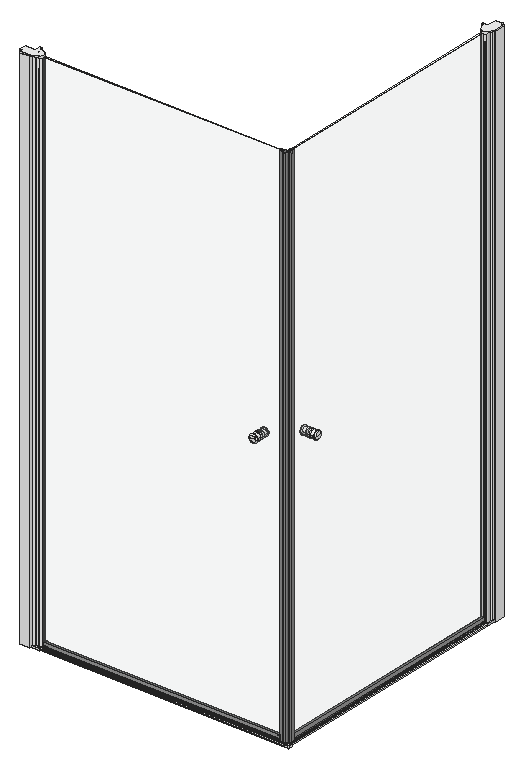
Revit family "Sanitary_Shower-screens_Duscholux_Giro_Pivot-twin-doors-angle-acces-shower", category Plumbing Fixtures, Revit 2016
Family settings
  Part Type = Normal
  Round Connector Dimension = Use Diameter
  OmniClass Number = 23.45.00.00
  OmniClass Title = Sanitary, Laundry, and Cleaning Equipment
  Work Plane-Based = No
  Always vertical = Yes
  Cut with Voids When Loaded = No
  Shared = No
  Room Calculation Point = No
Parameters (values of type "White Aluminium Finish")
  Width lateral side = 900 mm
  Width front side = 900 mm
  Uniclass 2015 Description = "Shower Enclosures"
  Uniclass 2015 Code = "PR-40-20-06-79"
  URL = "http://www.duscholux.es/"
  UNSPSC Code = "30181507"
  Thickness Glass = 5 mm  # constant formula
  Technical Inspection Certificate (Applus) = "http://www.duscholux.es/resources/custom/var/APPLUS_en.pdf"
  Series = "Plus Evolution Giro"
  Region South America = "Consult"
  Region Oceania = "Consult"
  Region North America = "Consult"
  Region Middle East = "Consult"
  Region Europe = "AD, ES, FR, PT"
  Region Asia = "Consult"
  Region Antartica = "Consult"
  Region Africa = "Consult"
  Ref. = "7PF / 7PG"
  Products = "http://www.duscholux.es/mamparas_filtro.aspx?es"
  Product group = "Front for shower"
  Product family = "Plus Evolution Giro"
  Opening lateral angle = 0.00°
  Opening System Image = "http://blob.duscholux.es/pluma512/AD2pabatible180.gif"
  Opening System = "Pivot Door"
  Opening front angle = 0.00°
  Net Weight (Kg) = 40
  NBS Reference Description = "Shower Enclosures"
  NBS Reference Code = "45-35-70"
  Model = ""
  Min Max Width lateral side = if(Width lateral side < 500 mm, 500 mm, if(Width lateral side > 1100 mm, 1100 mm, Width lateral side))  # 900 mm
  Min Max Width front side = if(Width front side < 500 mm, 500 mm, if(Width front side > 1100 mm, 1100 mm, Width front side))  # 900 mm
  Max Height = if(Height > 2000 mm, 2000 mm, Height)  # 1800 mm
  Manufacturer name = "Duscholux Ibérica, S.A."
  Manufacturer country = "Spain"
  Maintenance and Cleaning = "http://www.duscholux.es/mamparas_limpieza.aspx?en"
  Lateral door aperture = Min Max Width lateral side - 17.8 mm - 56.6 mm  # 825.6 mm
  Image = "http://www.duscholux.es/resources/custom/img/mamparas/PLUS%20EVOLUTION%20GIRO/modelos/0F2PADA/mampara_h.jpg"
  IFC Classification = "Furnishing Element"
  Height = 1800 mm
  Handle Material = White Finish
  Handle Height = Max Height / 2  # 900 mm
  Glass in Building UNE EN 12150 = "CE Conformity marking"
  Glass Material = Glass_Material-Duscholux
  Frame Material = White Aluminium Finish
  Fact Sheet = "http://blob.duscholux.es/enpdf2018/Giro2PAD.pdf"
  Manufacturer = "Duscholux Ibérica, S.A."
  Environmental Management ISO 14001 = "ECOEMBES Certificate"
  Edition number = "1"
  Front door aperture = Min Max Width front side - 17.8 mm - 56.6 mm  # 825.6 mm
  Design country = "Spain / Germany"
  Description = "Pivot twin doors at 180º with angle access. for shower"
  Date of publishing = ""
  Assembly Code = "C1030200"
  Configuration enclosure = "http://configuratumampara.duscholux.es/eCatalogo.aspx"
  Components = "Eropean components"
  Type Comments = ""
  Combinations = "Lateral 90° / Lateral180°"
  Certified Quality UNE EN 14428 = "http://www.duscholux.es/duscholux_downloads.aspx?es"
  COBIe Type Category = ""
  Brand = "Duscholux"
  Accesories Material = White Finish
Types (4, lengths in mm): name | Max Height | Height | Handle Material | Handle Height | Frame Material | Accesories Material
  (no name) | 1800 | 1800 | White Finish | 900 | White Aluminium Finish | White Finish
  Shiny silver Finish | 2000 | 2000 | Matt Silver Aluminium Finish | 1000 | Shiny Silver  Aluminium Finish | Plastic, Gray
  Silver Matt Aluminium Finish | 2000 | 2000 | Matt Silver Aluminium Finish | 1000 | Matt Silver Aluminium Finish | Plastic, Gray
  White Aluminium Finish | 1800 | 1800 | White Finish | 900 | White Aluminium Finish | White Finish
Reference planes
  plane 1 "Centro (Frontal/Posterior)": y = 0
  plane 2: z = 0
  plane 3 "Centro (Izquierda/Derecha)": x = 0
  plane 4: x = 56.584
  plane 5: z = 1800
  plane 6: x = 900
  plane 7: z = 900
  plane 8: z = 0
  plane 9: z = 8
  plane 10: z = 1796
  plane 11: x = 882.223
  plane 12: y = -5.6
  plane 13: y = 837.8
  plane 14: y = 894.4
  plane 15: y = 12.2
  plane 16: x = 894.362
Forms (mm)
  Extrusion 1, solid, material "Glass_Material-Duscholux" <- "Glass Material"
    sketch origin (59.749, 15.3, 0) x (1, 0, 0) y (0, 1, 0)
      loop
        line (-0.257, -12.8) -> (-0.257, -17.8) -> (822.436, -17.8) -> (822.436, -12.8) -> (-0.257, -12.8)
    from 8 to 1792
  Extrusion 2, solid, material "White Aluminium Finish" <- "Frame Material"
    sketch origin (-940.158, -579.127, 0) x (1, 0, 0) y (0, 1, 0)
      loop
        line (942.91, 587.017) -> (971.16, 587.017) -> (971.16, 588.517) -> (940.158, 588.517) -> (940.158, 587.017) -> (941.408, 587.017) -> (941.408, 566.817) -> (940.158, 566.817) -> (940.158, 565.317) -> (971.16, 565.317) -> (971.16, 566.817) -> (942.91, 566.817) -> (942.91, 587.017)
    from 0 to 1792
  Extrusion 3, solid, material "White Aluminium Finish" <- "Frame Material"
    sketch origin (36.988, 0, 0) x (1, 0, 0) y (0, 1, 0)
      loop
        line (32.341, 4.857) -> (24.744, 8.929)
        arc (24.744, 8.929) -> (9.363, 0.084) -> (24.744, -8.76) r 10.234
        line (24.744, -8.76) -> (32.341, -4.689) -> (32.341, -3.689) -> (22.503, -3.689) -> (22.503, 3.857) -> (32.341, 3.857) -> (32.341, 4.857)
      loop
        circle (19.596, 0.084) r 1.482
    from 0 to 1792
  Extrusion 4, solid, material "White Aluminium Finish" <- "Frame Material"
    sketch origin (-147.769, -645.801, 0) x (1, 0, 0) y (0, 1, 0)
      loop
        line (182.621, 656.691) -> (156.121, 656.691) -> (156.121, 655.191) -> (181.251, 655.191) -> (181.251, 631.991) -> (154.321, 631.991) -> (154.321, 624.931) -> (187.171, 624.931) -> (187.171, 633.301) -> (190.62, 633.301) -> (196.125, 639.801)
        arc (196.125, 639.801) -> (194.12, 645.786) -> (196.009, 651.809) r 10.234
        line (196.009, 651.809) -> (190.62, 659.801) -> (190.62, 660.824) -> (188.993, 670.05) -> (186.271, 674.341) -> (182.621, 674.341) -> (182.621, 656.691)
    from 0 to 1792
  Extrusion 5, solid, material "White Aluminium Finish" <- "Frame Material", detail levels medium+fine
    sketch origin (0, 32.415, 0) x (0, 1, 0) y (0, 0, 1)
      loop
        line (-48.975, 0) -> (-40.915, 0) -> (-40.915, 3)
        arc (-40.915, 3) -> (-41.501, 4.414) -> (-42.915, 5) r 2
        line (-42.915, 5) -> (-46.975, 5)
        arc (-46.975, 5) -> (-48.389, 4.414) -> (-48.975, 3) r 2
        line (-48.975, 3) -> (-48.975, 0)
    from 69.329 to 900
  Extrusion 6, solid, material "White Finish" <- "Accesories Material", detail levels medium+fine
    sketch origin (0, 0, 0) x (1, 0, 0) y (0, 1, 0)
      loop
        line (39.402, -18) -> (69.329, -18) -> (69.329, -4.689) -> (61.425, -8.932)
        arc (61.425, -8.932) -> (54.344, -9.901) -> (48.356, -6) r 10.234
        line (48.356, -6) -> (42.851, -12.5) -> (39.402, -12.5) -> (39.402, -18)
    from 0 to 6
  Extrusion 7, solid, material "White Finish" <- "Accesories Material"
    sketch origin (-183.4, 0, 0) x (1, 0, 0) y (0, 1, 0)
      loop
        line (191.752, 10.89) -> (191.752, 9.29) -> (183.4, 9.29) -> (183.4, -13.71) -> (189.952, -13.71) -> (189.952, -20.87) -> (222.393, -20.87) -> (244.738, -12.738)
        arc (244.738, -12.738) -> (253.657, 0) -> (244.738, 12.738) r 13.555
        line (244.738, 12.738) -> (225.413, 19.771) -> (224.624, 24.249) -> (221.902, 28.54) -> (218.252, 28.54) -> (218.252, 10.89) -> (191.752, 10.89)
    from 1792 to 1796
  Extrusion 8, solid, material "Plástico, transparente"
    sketch origin (53.346, 0, 0) x (1, 0, 0) y (0, 1, 0)
      loop
        line (830.338, -5.1) -> (840.338, -5.1)
        arc (840.338, -5.1) -> (842.431, -3.325) -> (841.183, -0.881) r 2.21
        line (841.183, -0.881) -> (839.769, -2.295) -> (835.526, 1.947) -> (836.941, 3.362)
        arc (836.941, 3.362) -> (834.813, 4.666) -> (832.338, 4.987) r 5.977
        line (832.338, 4.987) -> (830.338, 4.987) -> (830.338, -5.1)
      loop
        line (828.838, -4.083) -> (817.955, -2.5) -> (817.955, -3.935) -> (828.086, -5.485)
        arc (828.086, -5.485) -> (828.84, -5.571) -> (829.599, -5.6) r 10
        line (829.599, -5.6) -> (840.338, -5.6)
        arc (840.338, -5.6) -> (842.732, -4.011) -> (842.203, -1.188) r 2.601
        line (842.203, -1.188) -> (836.902, 4.114)
        arc (836.902, 4.114) -> (835.268, 5.212) -> (833.338, 5.6) r 5.03
        line (833.338, 5.6) -> (829.599, 5.6)
        arc (829.599, 5.6) -> (828.84, 5.571) -> (828.086, 5.485) r 10
        line (828.086, 5.485) -> (817.955, 3.935) -> (817.955, 2.5) -> (828.838, 4.083) -> (828.838, -4.083)
    from 0 to 1792
  Extrusion 9, solid, material "White Aluminium Finish" <- "Frame Material"
    sketch origin (0, 0, 0) x (1, 0, 0) y (0, 1, 0)
      loop
        line (886.556, 893.15) -> (886.556, 894.4) -> (885.056, 894.4) -> (885.056, 863.398) -> (886.556, 863.398) -> (886.556, 891.648) -> (906.756, 891.648) -> (906.756, 863.398) -> (908.256, 863.398) -> (908.256, 894.4) -> (906.756, 894.4) -> (906.756, 893.15) -> (886.556, 893.15)
    from 0 to 1792
  Extrusion 10, solid, material "White Aluminium Finish" <- "Frame Material"
    sketch origin (0, -0.316, 0) x (1, 0, 0) y (0, 1, 0)
      loop
        line (908.256, 888.148) -> (908.256, 861.218) -> (885.056, 861.218) -> (885.056, 886.348) -> (883.556, 886.348) -> (883.556, 859.848) -> (865.906, 859.848) -> (865.906, 856.198) -> (870.197, 853.476) -> (879.423, 851.849) -> (880.446, 851.849) -> (888.438, 846.461)
        arc (888.438, 846.461) -> (894.461, 848.349) -> (900.446, 846.344) r 10.234
        line (900.446, 846.344) -> (906.946, 851.849) -> (906.946, 855.298) -> (915.316, 855.298) -> (915.316, 888.148) -> (908.256, 888.148)
    from 0 to 1792
  Extrusion 11, solid, material "White Aluminium Finish" <- "Frame Material"
    sketch origin (894.362, 12.2, 0) x (0, 1, 0) y (-1, 0, 0)
      loop
        line (820.452, 8.845) -> (812.855, 4.966) -> (812.855, 4) -> (822.693, 4) -> (822.693, -4) -> (812.855, -4) -> (812.855, -5.011) -> (820.452, -8.845)
        arc (820.452, -8.845) -> (835.834, 0) -> (820.452, 8.845) r 10.234
      loop
        circle (825.6, 0) r 1.456
    from 0 to 1792
  Extrusion 12, solid, material "Glass_Material-Duscholux" <- "Glass Material"
    sketch origin (894.362, 12.2, 0) x (0, 1, 0) y (-1, 0, 0)
      loop
        line (822.693, 2.5) -> (0, 2.5) -> (0, -2.5) -> (822.693, -2.5) -> (822.693, 2.5)
    from 8 to 1792
  Extrusion 13, solid, material "Plástico, transparente"
    sketch origin (894.362, 12.2, 0) x (0, 1, 0) y (-1, 0, 0)
      loop
        line (10.861, 2.5) -> (10.861, 3.935) -> (0.729, 5.485)
        arc (0.729, 5.485) -> (-0.025, 5.571) -> (-0.783, 5.6) r 10
        line (-0.783, 5.6) -> (-4.523, 5.6)
        arc (-4.523, 5.6) -> (-6.453, 5.212) -> (-8.086, 4.114) r 5.03
        line (-8.086, 4.114) -> (-13.388, -1.188)
        arc (-13.388, -1.188) -> (-13.916, -4.011) -> (-11.523, -5.6) r 2.601
        line (-11.523, -5.6) -> (-0.783, -5.6)
        arc (-0.783, -5.6) -> (-0.025, -5.571) -> (0.729, -5.485) r 10
        line (0.729, -5.485) -> (10.861, -3.935) -> (10.861, -2.5) -> (-0.023, -4.083) -> (-0.023, 4.083) -> (10.861, 2.5)
      loop
        arc (-12.368, -0.881) -> (-13.615, -3.325) -> (-11.523, -5.1) r 2.21
        line (-11.523, -5.1) -> (-1.523, -5.1) -> (-1.523, 4.987) -> (-3.523, 4.987)
        arc (-3.523, 4.987) -> (-5.997, 4.666) -> (-8.125, 3.362) r 5.977
        line (-8.125, 3.362) -> (-6.711, 1.947) -> (-10.953, -2.295) -> (-12.368, -0.881)
    from 0 to 1792
  Extrusion 14, solid, material "White Finish" <- "Accesories Material"
    sketch origin (794.546, 877.8, 25) x (0, -1, 0) y (1, 0, 0)
      loop
        line (-8.248, 89.11) -> (18.252, 89.11) -> (18.252, 71.46) -> (21.902, 71.46) -> (24.624, 75.751) -> (25.413, 80.229) -> (44.738, 87.262)
        arc (44.738, 87.262) -> (53.657, 100) -> (44.738, 112.738) r 13.555
        line (44.738, 112.738) -> (22.393, 120.87) -> (-10.048, 120.87) -> (-10.048, 113.71) -> (-16.6, 113.71) -> (-16.6, 90.71) -> (-8.248, 90.71) -> (-8.248, 89.11)
    from 1767 to 1771
  Extrusion 15, solid, material "White Finish" <- "Accesories Material", detail levels medium+fine
    sketch origin (-386, -1.6, 0) x (1, 0, 0) y (0, 1, 0)
      loop
        arc (1288.886, -5.45) -> (1288.461, -6.475) -> (1287.436, -6.9) r 1.45
        line (1287.436, -6.9) -> (1286, -6.9) -> (1286, -18) -> (1298, -18)
        arc (1298, -18) -> (1299.414, -17.414) -> (1300, -16) r 2
        line (1300, -16) -> (1300, -4) -> (1288.886, -4) -> (1288.886, -5.45)
    from 0 to 6
  Extrusion 16, solid
    sketch origin (0, 0, 0) x (1, 0, 0) y (0, 1, 0)
      loop
        line (906.946, 854.983) -> (906.946, 851.534) -> (900.446, 846.029)
        arc (900.446, 846.029) -> (904.384, 839.868) -> (903.206, 832.652) r 10.234
        line (903.206, 832.652) -> (899.373, 825.055) -> (912.446, 825.055) -> (912.446, 854.983) -> (906.946, 854.983)
    from 0 to 6
  Extrusion 17, solid, material "White Aluminium Finish" <- "Frame Material"
    sketch origin (-30, 0, 0) x (1, 0, 0) y (0, 0, 1)
      loop
        line (932.886, 0) -> (940.945, 0) -> (940.945, 3)
        arc (940.945, 3) -> (940.359, 4.414) -> (938.945, 5) r 2
        line (938.945, 5) -> (934.886, 5)
        arc (934.886, 5) -> (933.471, 4.414) -> (932.886, 3) r 2
        line (932.886, 3) -> (932.886, 0)
    from -825.055 to 5.6
Lines and regions (mm)
  reference lines
    curve 1: line (56.584, 0, 0) -> (882.184, 0, 0)
    curve 2: line (894.362, 12.2, 0) -> (894.362, 837.8, 0)
  model lines
    curve 3: line (56.584, 0, 0) -> (56.584, 825.6, 0)
    curve 4: line (56.584, 0, 0) -> (56.584, -825.6, 0)
    curve 5: arc (56.584, -825.6, 0) -> (882.184, 0, 0) -> (56.584, 825.6, 0) r 825.6
    curve 6: line (894.362, 837.8, 0) -> (1719.962, 837.8, 0)
    curve 7: line (894.362, 837.8, 0) -> (68.762, 837.8, 0)
    curve 8: arc (1719.962, 837.8, 0) -> (894.362, 12.2, 0) -> (68.762, 837.8, 0) r 825.6
Dimensions and locks
  locked: plane 3 "Centro (Izquierda/Derecha)" to plane 4 at 56.584
  "Thickness Glass": Extrusion 1 to Extrusion 1
  plane 9 to level = 8 mm
  "Max Height": plane 5 to level
  "Min Max Width front side": plane 3 "Centro (Izquierda/Derecha)" to plane 6
  "Handle Height": plane 7 to level
  locked: plane 3 "Centro (Izquierda/Derecha)" to Extrusion 2 at 31.002
  "Front door aperture": curve 1 to curve 1
  locked: plane 5 to Extrusion 1 at 8
  locked: plane 5 to plane 10 at 4
  locked: nested 2 to Extrusion 1 at 85
  locked: plane 11 to plane 6 at 17.777
  locked: plane 15 to plane 12 at 17.8
  locked: plane 14 to plane 13 at 56.6
  plane 16 to plane 6 = 5.638 mm
  "Lateral door aperture": curve 2 to curve 2
  "Min Max Width lateral side": plane 14 to plane 12
  locked: nested 5 to Extrusion 12 at 85
  locked: plane 13 to Extrusion 17 at 12.745
  "Front door aperture": curve 3 to curve 3
  "Lateral door aperture": curve 7 to curve 7
  "Opening front angle": angle curve 1 to plane 1 "Centro (Frontal/Posterior)"
  "Opening lateral angle": angle plane 16 to curve 2
  aligned and locked: level to plane 2
  aligned and locked: plane 1 "Centro (Frontal/Posterior)" to curve 1
  aligned and locked: Extrusion 1 to plane 9
  aligned and locked: Extrusion 1 to Extrusion 2
  aligned and locked: Extrusion 1 to Extrusion 3  (x2)
  aligned and locked: Extrusion 2 to plane 3 "Centro (Izquierda/Derecha)"
  aligned and locked: Extrusion 4 to Extrusion 1
  aligned and locked: Extrusion 3 to nested 1
  aligned and locked: nested 2 to plane 7
  aligned and locked: plane 7 to nested 3
  aligned and locked: nested 2 to nested 3
  aligned and locked: Extrusion 6 to plane 8
  aligned and locked: Extrusion 5 to Extrusion 6
  aligned and locked: Extrusion 7 to Extrusion 1
  aligned and locked: plane 10 to Extrusion 7
  aligned and locked: curve 1 to Extrusion 1
  aligned and locked: Extrusion 8 to Extrusion 1
  aligned and locked: Extrusion 10 to Extrusion 1
  aligned and locked: Extrusion 9 to Extrusion 1
  aligned and locked: Extrusion 11 to Extrusion 1
  aligned and locked: nested 1 to Extrusion 8
  aligned and locked: plane 13 to curve 2
  aligned and locked: plane 16 to curve 2
  aligned and locked: Extrusion 1 to Extrusion 12
  aligned and locked: Extrusion 12 to Extrusion 1
  aligned and locked: Extrusion 13 to Extrusion 8
  aligned and locked: plane 10 to Extrusion 14
  aligned and locked: nested 4 to nested 5
  aligned and locked: nested 5 to plane 7
  aligned and locked: nested 4 to plane 7
  aligned and locked: Extrusion 15 to plane 6
  aligned and locked: plane 12 to Extrusion 15
  aligned and locked: plane 6 to Extrusion 5
  aligned and locked: Extrusion 13 to nested 6
  aligned and locked: nested 6 to Extrusion 11
  aligned and locked: Extrusion 14 to Extrusion 12
  aligned and locked: Extrusion 16 to Extrusion 6
  aligned and locked: Extrusion 17 to plane 12
  aligned and locked: plane 4 to curve 1
Automatic sketch dimensions
  Extrusion 1 sketch curve to curve 1 = 0 mm
  Extrusion 1 sketch curve to curve 1 = 2.5 mm
  curve 1 to Extrusion 1 sketch curve = 2.5 mm
  curve 1 to Extrusion 1 sketch curve = 2.907 mm
  Extrusion 2 sketch curve to plane 3 "Centro (Izquierda/Derecha)" = 0 mm  (x2)
  plane 3 "Centro (Izquierda/Derecha)" to Extrusion 2 sketch curve = 1.25 mm
  Extrusion 2 sketch curve to Extrusion 2 sketch curve = 1.502 mm
  Extrusion 2 sketch curve to plane 12 = 8.21 mm
  plane 4 to Extrusion 2 sketch curve = 25.583 mm
  Extrusion 2 sketch curve to plane 15 = 2.81 mm
  Extrusion 2 sketch curve to Extrusion 2 sketch curve = 0 mm
  Extrusion 2 sketch curve to Extrusion 2 sketch curve = 1.5 mm  (x4)
  Extrusion 3 sketch curve to Extrusion 3 sketch curve = 0 mm  (x3)
  Extrusion 3 sketch curve to curve 1 = 0 mm
  curve 1 to Extrusion 3 sketch curve = 0.084 mm
  curve 1 to Extrusion 3 sketch curve = 2.907 mm
  curve 1 to Extrusion 3 sketch curve = 5.148 mm  (x2)
  curve 1 to Extrusion 3 sketch curve = 3.689 mm
  Extrusion 3 sketch curve to Extrusion 3 sketch curve = 7.597 mm
  Extrusion 3 sketch curve to Extrusion 3 sketch curve = 1 mm  (x2)
  Extrusion 3 sketch curve to curve 1 = 8.76 mm
  Extrusion 3 sketch curve to curve 1 = 3.857 mm
  Extrusion 4 sketch curve to plane 4 = 0 mm
  Extrusion 4 sketch curve to plane 12 = 0.4 mm
  plane 4 to Extrusion 4 sketch curve = 8.229 mm
  Extrusion 4 sketch curve to plane 1 "Centro (Frontal/Posterior)" = 6.008 mm
  plane 4 to Extrusion 4 sketch curve = 8.345 mm
  Extrusion 4 sketch curve to Extrusion 4 sketch curve = 5.505 mm
  plane 15 to Extrusion 4 sketch curve = 1.8 mm
  Extrusion 4 sketch curve to Extrusion 4 sketch curve = 5.389 mm
  Extrusion 4 sketch curve to Extrusion 4 sketch curve = 1.627 mm
  Extrusion 4 sketch curve to Extrusion 4 sketch curve = 3.449 mm
  Extrusion 4 sketch curve to Extrusion 4 sketch curve = 2.722 mm
  Extrusion 4 sketch curve to plane 15 = 1.31 mm
  Extrusion 4 sketch curve to Extrusion 4 sketch curve = 7.999 mm
  Extrusion 4 sketch curve to Extrusion 4 sketch curve = 1.37 mm
  Extrusion 4 sketch curve to plane 15 = 2.81 mm
  plane 3 "Centro (Izquierda/Derecha)" to Extrusion 4 sketch curve = 8.352 mm
  plane 3 "Centro (Izquierda/Derecha)" to Extrusion 4 sketch curve = 6.552 mm
  Extrusion 4 sketch curve to plane 12 = 6.9 mm
  Extrusion 4 sketch curve to plane 12 = 8.21 mm
  Extrusion 4 sketch curve to Extrusion 4 sketch curve = 8.37 mm
  Extrusion 4 sketch curve to Extrusion 4 sketch curve = 1.023 mm
  Extrusion 4 sketch curve to Extrusion 4 sketch curve = 9.227 mm
  Extrusion 4 sketch curve to Extrusion 4 sketch curve = 4.291 mm
  Extrusion 5 sketch curve to level = 0 mm
  Extrusion 5 sketch curve to plane 12 = 10.959 mm
  Extrusion 5 sketch curve to Extrusion 5 sketch curve = 2 mm
  Extrusion 5 sketch curve to Extrusion 5 sketch curve = 4.059 mm
  Extrusion 5 sketch curve to plane 12 = 2.9 mm
  level to Extrusion 5 sketch curve = 3 mm
  Extrusion 6 sketch curve to plane 4 = 0 mm
  Extrusion 6 sketch curve to plane 12 = 0.4 mm
  plane 4 to Extrusion 6 sketch curve = 8.229 mm
  Extrusion 6 sketch curve to Extrusion 6 sketch curve = 5.505 mm
  Extrusion 6 sketch curve to Extrusion 6 sketch curve = 3.449 mm
  Extrusion 6 sketch curve to plane 12 = 3.332 mm
  Extrusion 6 sketch curve to plane 4 = 4.841 mm
  Extrusion 6 sketch curve to Extrusion 6 sketch curve = 7.904 mm
  Extrusion 6 sketch curve to plane 12 = 6.9 mm
  Extrusion 6 sketch curve to Extrusion 6 sketch curve = 5.5 mm
  plane 12 to Extrusion 6 sketch curve = 0.911 mm
  Extrusion 7 sketch curve to plane 3 "Centro (Izquierda/Derecha)" = 0 mm
  plane 1 "Centro (Frontal/Posterior)" to Extrusion 7 sketch curve = 0 mm
  plane 3 "Centro (Izquierda/Derecha)" to Extrusion 7 sketch curve = 6.552 mm
  Extrusion 7 sketch curve to plane 15 = 2.91 mm
  plane 3 "Centro (Izquierda/Derecha)" to Extrusion 7 sketch curve = 8.352 mm
  plane 4 to Extrusion 7 sketch curve = 21.733 mm
  Extrusion 7 sketch curve to Extrusion 7 sketch curve = 3.65 mm
  plane 4 to Extrusion 7 sketch curve = 17.591 mm
  Extrusion 7 sketch curve to Extrusion 7 sketch curve = 2.722 mm
  Extrusion 7 sketch curve to Extrusion 7 sketch curve = 0.79 mm
  Extrusion 7 sketch curve to plane 4 = 0.118 mm
  Extrusion 7 sketch curve to plane 4 = 4.754 mm  (x2)
  plane 15 to Extrusion 7 sketch curve = 0.538 mm
  Extrusion 7 sketch curve to plane 12 = 8.11 mm
  Extrusion 7 sketch curve to plane 12 = 15.27 mm
  Extrusion 7 sketch curve to plane 15 = 1.31 mm
  plane 15 to Extrusion 7 sketch curve = 7.571 mm
  Extrusion 7 sketch curve to Extrusion 7 sketch curve = 4.478 mm
  Extrusion 7 sketch curve to Extrusion 7 sketch curve = 4.291 mm
  Extrusion 8 sketch curve to curve 1 = 0 mm
  Extrusion 8 sketch curve to curve 1 = 4.083 mm
  curve 1 to Extrusion 8 sketch curve = 4.083 mm
  Extrusion 8 sketch curve to curve 1 = 0.752 mm  (x2)
  Extrusion 8 sketch curve to curve 1 = 3.935 mm
  Extrusion 8 sketch curve to Extrusion 8 sketch curve = 10.132 mm
  curve 1 to Extrusion 8 sketch curve = 3.935 mm
  Extrusion 8 sketch curve to Extrusion 8 sketch curve = 0 mm  (x2)
  curve 1 to Extrusion 8 sketch curve = 0.761 mm  (x2)
  Extrusion 8 sketch curve to Extrusion 8 sketch curve = 0.739 mm
  Extrusion 8 sketch curve to Extrusion 8 sketch curve = 2 mm
  curve 1 to Extrusion 8 sketch curve = 0.97 mm
  curve 1 to Extrusion 8 sketch curve = 3.984 mm
  Extrusion 8 sketch curve to curve 1 = 0.57 mm
  Extrusion 8 sketch curve to Extrusion 8 sketch curve = 0.51 mm
  Extrusion 8 sketch curve to Extrusion 8 sketch curve = 1 mm
  Extrusion 8 sketch curve to curve 1 = 1.947 mm
  Extrusion 8 sketch curve to Extrusion 8 sketch curve = 2.194 mm
  Extrusion 8 sketch curve to Extrusion 8 sketch curve = 1.375 mm
  Extrusion 8 sketch curve to curve 1 = 3.362 mm
  Extrusion 8 sketch curve to Extrusion 8 sketch curve = 0.039 mm
  curve 1 to Extrusion 8 sketch curve = 2.295 mm
  Extrusion 8 sketch curve to Extrusion 8 sketch curve = 4.243 mm
  Extrusion 8 sketch curve to Extrusion 8 sketch curve = 0.495 mm
  Extrusion 8 sketch curve to Extrusion 8 sketch curve = 0.072 mm
  Extrusion 8 sketch curve to Extrusion 8 sketch curve = 0.003 mm
  curve 1 to Extrusion 8 sketch curve = 0.881 mm
  Extrusion 8 sketch curve to Extrusion 8 sketch curve = 1.414 mm
  curve 1 to Extrusion 8 sketch curve = 1.188 mm
  Extrusion 8 sketch curve to Extrusion 8 sketch curve = 1.02 mm
  Extrusion 8 sketch curve to curve 1 = 4.4 mm
  Extrusion 8 sketch curve to Extrusion 8 sketch curve = 0.7 mm
  Extrusion 8 sketch curve to curve 1 = 5.485 mm
  Extrusion 8 sketch curve to Extrusion 8 sketch curve = 0.5 mm
  Extrusion 8 sketch curve to Extrusion 8 sketch curve = 1.435 mm  (x2)
  Extrusion 8 sketch curve to Extrusion 8 sketch curve = 0.752 mm
  Extrusion 9 sketch curve to plane 14 = 0 mm  (x2)
  plane 11 to Extrusion 9 sketch curve = 2.833 mm
  Extrusion 9 sketch curve to Extrusion 9 sketch curve = 1.5 mm  (x3)
  Extrusion 9 sketch curve to plane 14 = 2.752 mm
  plane 6 to Extrusion 9 sketch curve = 6.756 mm
  Extrusion 9 sketch curve to Extrusion 9 sketch curve = 0 mm  (x2)
  plane 13 to Extrusion 9 sketch curve = 25.598 mm
  Extrusion 9 sketch curve to plane 14 = 1.25 mm
  Extrusion 10 sketch curve to plane 13 = 0 mm
  Extrusion 10 sketch curve to plane 16 = 0 mm
  plane 16 to Extrusion 10 sketch curve = 5.924 mm
  plane 11 to Extrusion 10 sketch curve = 2.833 mm
  plane 11 to Extrusion 10 sketch curve = 1.333 mm
  Extrusion 10 sketch curve to plane 11 = 1.777 mm
  Extrusion 10 sketch curve to Extrusion 10 sketch curve = 1.023 mm
  Extrusion 10 sketch curve to Extrusion 10 sketch curve = 9.227 mm
  Extrusion 10 sketch curve to Extrusion 10 sketch curve = 4.291 mm
  plane 6 to Extrusion 10 sketch curve = 0.446 mm
  plane 6 to Extrusion 10 sketch curve = 6.946 mm
  plane 6 to Extrusion 10 sketch curve = 8.256 mm
  Extrusion 10 sketch curve to Extrusion 10 sketch curve = 7.06 mm
  plane 13 to Extrusion 10 sketch curve = 8.229 mm
  Extrusion 10 sketch curve to Extrusion 10 sketch curve = 5.389 mm
  Extrusion 10 sketch curve to Extrusion 10 sketch curve = 5.505 mm
  Extrusion 10 sketch curve to Extrusion 10 sketch curve = 1.627 mm
  Extrusion 10 sketch curve to Extrusion 10 sketch curve = 3.449 mm
  Extrusion 10 sketch curve to Extrusion 10 sketch curve = 2.722 mm
  Extrusion 10 sketch curve to Extrusion 10 sketch curve = 7.999 mm
  Extrusion 10 sketch curve to Extrusion 10 sketch curve = 5.92 mm
  Extrusion 10 sketch curve to plane 14 = 8.367 mm
  Extrusion 10 sketch curve to plane 14 = 6.567 mm
  Extrusion 11 sketch curve to Extrusion 11 sketch curve = 0 mm  (x3)
  Extrusion 11 sketch curve to curve 2 = 0 mm  (x2)
  Extrusion 11 sketch curve to curve 2 = 2.907 mm
  Extrusion 11 sketch curve to curve 2 = 5.148 mm  (x2)
  curve 2 to Extrusion 11 sketch curve = 5.011 mm
  Extrusion 11 sketch curve to Extrusion 11 sketch curve = 7.597 mm
  Extrusion 11 sketch curve to curve 2 = 4 mm
  Extrusion 11 sketch curve to curve 2 = 8.845 mm
  Extrusion 11 sketch curve to Extrusion 11 sketch curve = 1.011 mm
  Extrusion 11 sketch curve to Extrusion 11 sketch curve = 0.966 mm
  Extrusion 12 sketch curve to curve 2 = 0 mm
  Extrusion 12 sketch curve to curve 2 = 2.5 mm
  curve 2 to Extrusion 12 sketch curve = 2.5 mm
  Extrusion 12 sketch curve to curve 2 = 2.907 mm
  curve 2 to Extrusion 13 sketch curve = 1.188 mm
  Extrusion 13 sketch curve to curve 2 = 13.388 mm
  curve 2 to Extrusion 13 sketch curve = 0.881 mm
  Extrusion 13 sketch curve to Extrusion 13 sketch curve = 1.02 mm
  Extrusion 13 sketch curve to Extrusion 13 sketch curve = 0.845 mm
  Extrusion 13 sketch curve to Extrusion 13 sketch curve = 0 mm  (x2)
  Extrusion 13 sketch curve to Extrusion 13 sketch curve = 0.003 mm
  Extrusion 13 sketch curve to Extrusion 13 sketch curve = 0.072 mm
  curve 2 to Extrusion 13 sketch curve = 2.295 mm
  Extrusion 13 sketch curve to Extrusion 13 sketch curve = 0.495 mm
  Extrusion 13 sketch curve to Extrusion 13 sketch curve = 4.243 mm
  Extrusion 13 sketch curve to Extrusion 13 sketch curve = 0.039 mm
  Extrusion 13 sketch curve to curve 2 = 1.947 mm
  Extrusion 13 sketch curve to Extrusion 13 sketch curve = 1.414 mm  (x2)
  Extrusion 13 sketch curve to Extrusion 13 sketch curve = 3.564 mm
  Extrusion 13 sketch curve to curve 2 = 0.57 mm
  Extrusion 13 sketch curve to Extrusion 13 sketch curve = 2.194 mm
  curve 2 to Extrusion 13 sketch curve = 0.97 mm
  Extrusion 13 sketch curve to Extrusion 13 sketch curve = 0.51 mm
  Extrusion 13 sketch curve to Extrusion 13 sketch curve = 1 mm
  Extrusion 13 sketch curve to curve 2 = 1.523 mm
  Extrusion 13 sketch curve to curve 2 = 0.783 mm  (x2)
  Extrusion 13 sketch curve to curve 2 = 0.023 mm
  curve 2 to Extrusion 13 sketch curve = 0.729 mm  (x2)
  curve 2 to Extrusion 13 sketch curve = 3.935 mm
  Extrusion 13 sketch curve to Extrusion 13 sketch curve = 10.132 mm
  Extrusion 13 sketch curve to curve 2 = 3.935 mm
  Extrusion 13 sketch curve to curve 2 = 4.083 mm
  Extrusion 13 sketch curve to curve 2 = 4.4 mm
  Extrusion 13 sketch curve to Extrusion 13 sketch curve = 2.805 mm
  Extrusion 13 sketch curve to curve 2 = 5.485 mm
  Extrusion 13 sketch curve to Extrusion 13 sketch curve = 0.5 mm
  Extrusion 13 sketch curve to Extrusion 13 sketch curve = 1.435 mm  (x2)
  curve 2 to Extrusion 13 sketch curve = 4.083 mm
  Extrusion 13 sketch curve to Extrusion 13 sketch curve = 0.752 mm
  Extrusion 14 sketch curve to plane 14 = 0 mm
  Extrusion 14 sketch curve to plane 14 = 6.552 mm
  plane 11 to Extrusion 14 sketch curve = 3.033 mm
  Extrusion 14 sketch curve to plane 14 = 8.352 mm
  plane 13 to Extrusion 14 sketch curve = 21.748 mm
  Extrusion 14 sketch curve to Extrusion 14 sketch curve = 3.65 mm
  plane 13 to Extrusion 14 sketch curve = 17.607 mm
  Extrusion 14 sketch curve to Extrusion 14 sketch curve = 2.722 mm
  Extrusion 14 sketch curve to Extrusion 14 sketch curve = 0.79 mm
  Extrusion 14 sketch curve to plane 13 = 0.102 mm
  Extrusion 14 sketch curve to plane 13 = 4.738 mm  (x2)
  Extrusion 14 sketch curve to plane 11 = 0.414 mm
  Extrusion 14 sketch curve to plane 11 = 7.448 mm
  Extrusion 14 sketch curve to Extrusion 14 sketch curve = 4.478 mm
  Extrusion 14 sketch curve to Extrusion 14 sketch curve = 4.291 mm
  plane 11 to Extrusion 14 sketch curve = 1.433 mm
  Extrusion 14 sketch curve to plane 16 = 0.184 mm
  plane 6 to Extrusion 14 sketch curve = 8.256 mm
  Extrusion 14 sketch curve to Extrusion 14 sketch curve = 7.16 mm
  Extrusion 15 sketch curve to plane 6 = 0 mm
  Extrusion 15 sketch curve to plane 12 = 0 mm
  plane 6 to Extrusion 15 sketch curve = 1.436 mm
  Extrusion 15 sketch curve to Extrusion 15 sketch curve = 1.45 mm  (x2)
  plane 6 to Extrusion 15 sketch curve = 12 mm
  Extrusion 15 sketch curve to Extrusion 15 sketch curve = 2 mm
  Extrusion 15 sketch curve to Extrusion 15 sketch curve = 12 mm
  Extrusion 16 sketch curve to plane 13 = 0 mm
  Extrusion 16 sketch curve to plane 16 = 0 mm
  Extrusion 16 sketch curve to plane 6 = 0.627 mm
  plane 6 to Extrusion 16 sketch curve = 0.446 mm
  plane 6 to Extrusion 16 sketch curve = 3.206 mm
  plane 6 to Extrusion 16 sketch curve = 6.946 mm
  Extrusion 16 sketch curve to Extrusion 16 sketch curve = 5.5 mm
  Extrusion 16 sketch curve to plane 13 = 5.148 mm
  Extrusion 16 sketch curve to Extrusion 16 sketch curve = 7.597 mm
  Extrusion 16 sketch curve to Extrusion 16 sketch curve = 5.505 mm
  Extrusion 16 sketch curve to Extrusion 16 sketch curve = 3.449 mm
  Extrusion 17 sketch curve to level = 0 mm
  level to Extrusion 17 sketch curve = 3 mm
  plane 6 to Extrusion 17 sketch curve = 2.886 mm
  Extrusion 17 sketch curve to Extrusion 17 sketch curve = 2 mm  (x2)
  Extrusion 17 sketch curve to Extrusion 17 sketch curve = 4.059 mm
  curve 3 to plane 4 = 0 mm
  curve 8 to plane 13 = 0 mm
  curve 6 to plane 16 = 0 mm
  curve 8 to plane 16 = 0 mm
  plane 1 "Centro (Frontal/Posterior)" to curve 4 = 0 mm
  plane 1 "Centro (Frontal/Posterior)" to curve 5 = 0 mm
  radius of Extrusion 3 sketch curve = 1.482 mm
  radius of Extrusion 11 sketch curve = 1.456 mm
Nested families
  nested 1: "Lower-Guide" at (69.329, 0, 8), type "Lower-Guide", detail levels fine
    with built-in parameter 1001306 2.6311 (stored number, unit not read)
  nested 2: "Handle" at (797.184, -2.5, 900) x (1, 0, 0) z (0, -1, 0), type "Handle", detail levels medium+fine
  nested 3: "Handle" at (797.184, 2.5, 900) x (1, 0, 0) z (0, 1, 0), type "Handle", detail levels medium+fine
  nested 4: "Handle" at (891.862, 97.2, 900) x (0, -1, 0) z (-1, 0, 0), type "Handle", detail levels medium+fine
  nested 5: "Handle" at (896.862, 97.2, 900) x (0, 1, 0) z (1, 0, 0), type "Handle", detail levels medium+fine
  nested 6: "Lower-Guide" at (894.267, 23.061, 8) x (0, 1, 0) z (0, 0, 1), type "Lower-Guide", detail levels fine
    with built-in parameter 1001306 2.6312 (stored number, unit not read)
Definition of nested family "Lower-Guide"
  Parameters (values of type "2353MA")
    built-in parameter 1001306 [instance] = 500 mm
  Reference planes
    plane 1 "Centro (Frontal/Posterior)": y = 0
    plane 2: z = 0
    plane 3 "Izquierda": x = 0
    plane 4 "Derecha": x = 500
    plane 5: z = 0
  Forms (mm)
    Extrusion 1, solid
      sketch origin (0, 0, 0) x (0, 1, 0) y (0, 0, 1)
        loop
          line (-4.2, 0) -> (-3, 12) -> (-4.5, 12) -> (-5.692, 0.15)
          arc (-5.692, 0.15) -> (-5.345, -0.968) -> (-4.3, -1.497) r 1.5
          line (-4.3, -1.497) -> (-4.3, -5.874)
          arc (-4.3, -5.874) -> (-3.9, -6.274) -> (-3.5, -5.874) r 0.4
          line (-3.5, -5.874) -> (-3.5, -1.5) -> (3.5, -1.5) -> (3.5, -7.653)
          arc (3.5, -7.653) -> (3.9, -8.053) -> (4.3, -7.653) r 0.4
          line (4.3, -7.653) -> (4.3, -1.508) -> (5.754, -1.508) -> (11.976, -3.947)
          arc (11.976, -3.947) -> (12.62, -3.771) -> (12.515, -3.111) r 0.5
          line (12.515, -3.111) -> (9.056, -1.58)
          arc (9.056, -1.58) -> (6.398, 0.585) -> (5.211, 3.802) r 6.5
          line (5.211, 3.802) -> (4.5, 12) -> (3, 12) -> (4.2, 0) -> (-4.2, 0)
      from 0 to 500
  Lines and regions (mm)
    reference lines
      curve 1: line (0, 0, 0) -> (500, 0, 0)
  Dimensions and locks
    "built-in parameter 1001306": plane 3 "Izquierda" to plane 4 "Derecha"
    aligned and locked: plane 4 "Derecha" to curve 1
    aligned and locked: plane 1 "Centro (Frontal/Posterior)" to curve 1
    aligned and locked: plane 3 "Izquierda" to curve 1
    aligned and locked: level to plane 2
    aligned and locked: plane 4 "Derecha" to Extrusion 1
  Automatic sketch dimensions
    Extrusion 1 sketch curve to level = 0 mm  (x2)
    Extrusion 1 sketch curve to Extrusion 1 sketch curve = 0.4 mm  (x3)
    Extrusion 1 sketch curve to Extrusion 1 sketch curve = 0 mm  (x2)
    Extrusion 1 sketch curve to Extrusion 1 sketch curve = 1.5 mm  (x2)
    Extrusion 1 sketch curve to Extrusion 1 sketch curve = 1.454 mm
    Extrusion 1 sketch curve to level = 1.58 mm
    Extrusion 1 sketch curve to Extrusion 1 sketch curve = 3.301 mm
    level to Extrusion 1 sketch curve = 4.364 mm
    Extrusion 1 sketch curve to Extrusion 1 sketch curve = 2.632 mm
    Extrusion 1 sketch curve to level = 3.947 mm
    Extrusion 1 sketch curve to Extrusion 1 sketch curve = 2.921 mm
    Extrusion 1 sketch curve to Extrusion 1 sketch curve = 0.224 mm
    Extrusion 1 sketch curve to level = 3.111 mm
    Extrusion 1 sketch curve to Extrusion 1 sketch curve = 0.315 mm
    Extrusion 1 sketch curve to level = 5.874 mm
    Extrusion 1 sketch curve to Extrusion 1 sketch curve = 1.778 mm
    Extrusion 1 sketch curve to level = 1.508 mm
    Extrusion 1 sketch curve to level = 1.5 mm
    Extrusion 1 sketch curve to Extrusion 1 sketch curve = 0.003 mm
    level to Extrusion 1 sketch curve = 12 mm
    level to Extrusion 1 sketch curve = 0.15 mm
    plane 1 "Centro (Frontal/Posterior)" to Extrusion 1 sketch curve = 3 mm
    plane 1 "Centro (Frontal/Posterior)" to Extrusion 1 sketch curve = 3.5 mm
    Extrusion 1 sketch curve to Extrusion 1 sketch curve = 0.1 mm  (x2)
    Extrusion 1 sketch curve to plane 1 "Centro (Frontal/Posterior)" = 3 mm
    Extrusion 1 sketch curve to plane 1 "Centro (Frontal/Posterior)" = 3.5 mm
    Extrusion 1 sketch curve to Extrusion 1 sketch curve = 0.799 mm
    level to Extrusion 1 sketch curve = 3.802 mm
Definition of nested family "Handle"
  Parameters (values of type "Handle-Gravity")
    Handle Material = none
    Default Elevation = 1219.2 mm
  Reference planes
    plane 1 "Centro (Frontal/Posterior)": y = 0
    plane 2: z = 0
    plane 3 "Centro (Izquierda/Derecha)": x = 0
  Forms (mm)
    Extrusion 1, solid
      sketch origin (0, 0, 0) x (1, 0, 0) y (0, 1, 0)
        loop
          line (-1219.2, 1219.2) -> (-1219.2, -1219.2) -> (1219.2, -1219.2) -> (1219.2, 1219.2) -> (-1219.2, 1219.2)
      from 0 to -304.8
    Revolve 2, solid, material <- "Handle Material"
      sketch origin (-255.555, 0, -108.84) x (1, 0, 0) y (0, 0, 1)
        loop
          arc (255.555, 132.84) -> (249.874, 132.609) -> (244.231, 131.918) r 70
          arc (244.231, 131.918) -> (243.027, 131.235) -> (242.555, 129.934) r 2
          line (242.555, 129.934) -> (242.555, 127.939) -> (244.555, 127.403) -> (244.555, 113.44) -> (242.555, 112.904) -> (242.555, 108.84) -> (255.555, 108.84) -> (255.555, 132.84)
        axis (255.555, 132.84) -> (255.555, 108.84)
      angle from 0 to 360
  Dimensions and locks
    aligned and locked: plane 2 to Extrusion 1
    aligned and locked: level to Extrusion 1
